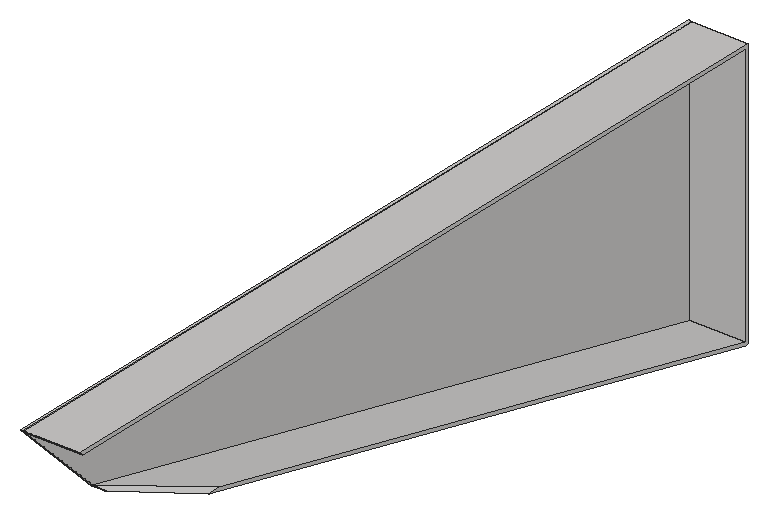
Revit family "PRD_FrankeWS_SnksSuprts_BracketForPlasterSinks_SIRX837", category Plumbing Fixtures, Revit 2018
Family settings
  Round Connector Dimension = Use Diameter
  Part Type = Normal
  OmniClass Number = 23.40.20.21
  OmniClass Title = Toilet and Bath Specialties
  Work Plane-Based = No
  Always vertical = No
  Cut with Voids When Loaded = No
  Shared = Yes
  Room Calculation Point = No
Parameters (values of type "SIRX837 1 piece right")
  width between 2 pcs [instance] = 0 mm
  right = yes
  offset 1pce = 0 mm
  left = no
  WarrantyStartDate [instance] = "1900-12-31T23:59:59"
  WarrantyGuarantorParts = "n/a"
  WarrantyGuarantorLabor = "n/a"
  WarrantyDurationUnit = "year"
  WarrantyDurationParts = "n/a"
  WarrantyDurationLabor = "n/a"
  WarrantyDescription = "n/a"
  Version = "1"
  Uniclass2015Version = "Products v1.7"
  Uniclass2015Title = "Sink supports"
  Uniclass2015Code = "Pr_20_85_09_88"
  URL = "www.kwc.com"
  TagNumber [instance] = "n/a"
  SustainabilityPerformance = "n/a"
  Size = "n/a"
  Shape = "n/a"
  SerialNumber [instance] = "n/a"
  Revision = "n/a"
  ReplacementCost = "n/a"
  Reference = "n/a"
  ProductInformation = "https://pim.kwc.com/product/2000103337/attachment/datasheet?locale=en"
  NominalWidth = 180 mm
  NominalLength = 40 mm
  NominalHeight = 557 mm
  NetWeight = 1.70 kg
  Name = "Bracket for plaster sinks, SIRX837"
  NBSTypeID = "n/a"
  NBSReference = "45-35-70/347"
  NBSOfficeMasterTag = "n/a"
  NBSNote = "n/a"
  NBSDescription = "Supports for sinks"
  NBSCertification = "n/a"
  ModelReference = "SIRX837"
  ModelNumber = "2000103337"
  Model = ModelReference  # "SIRX837"
  MaterialsLegsFinishAndColour = "satin finished"
  MaterialsLegsBody = "stainless steel"
  MaterialsBracketsFinishAndColour = "Satin finished"
  MaterialsBracketsBody = "stainless steel\r\nstainless steel"
  MaterialThickness = "n/a"
  MaterialCode = "stainless steel"
  Material = "Stainless steel"
  ManufacturerURL = "www.kwc.com"
  ManufacturerName = "KWC Group AG"  # constant formula
  Manufacturer = ManufacturerName  # "KWC Group AG"
  InstallationDate [instance] = "1900-12-31T23:59:59"
  IfcExportType = "NOTDEFINED"
  IfcExportAs = "IfcBuildingElementProxy"
  GrossWeight = 1.79 kg
  Grade = "n/a"
  Form = "Wall-mounted"
  Finish = "Satin finished"
  Features = "stainless steel"
  ExpectedLife = "n/a"
  DurationUnit = "year"
  Description = "Pair of brackets for plaster sink."
  Dimensions = "40 x 180 x 557 mm"
  Constituents = "n/a"
  Color = "Stainless steel"
  CodePerformance = "n/a"
  Category = "Pr_20_85_09_88, Sink supports"
  BracketMaterial = PRD_AR_StainlessSteel_SatinFinished
  BarCode [instance] = "n/a"
  BIMObjectName = "PRD_AR_SinkSupports_BracketForPlasterSinks_SIRX837"
  Author = "Archispace"  # constant formula
  AssetType = "Fixed"
  AssetIdentifier [instance] = "n/a"
  AccessibilityPerformance = "n/a"
  2pcs right = no
  2pcs left = no
Types (4, lengths in mm): name | width between 2 pcs | right | left | 2pcs right | 2pcs left
  (no name) | 0 | yes | no | no | no
  SIRX837 1 piece right | 0 | yes | no | no | no
  SIRX837 1 piece left | 0 | no | yes | no | no
  SIRX837 2 pieces | 1200 | no | no | yes | yes
Reference planes
  plane 1 "Center (Front/Back)": y = 0
  plane 2: z = 0
  plane 3 "Center (Left/Right)": x = 0
  plane 4: x = 0
  plane 5: x = 0
  plane 6: x = 0
  plane 7: x = 0
Dimensions and locks
  equal spacing: plane 4, plane 3 "Center (Left/Right)", plane 5
  "width between 2 pcs": plane 4 to plane 5
  "offset 1pce": plane 6 to plane 3 "Center (Left/Right)"
  "offset 1pce": plane 3 "Center (Left/Right)" to plane 7
  aligned and locked: level to plane 2
  aligned and locked: plane 4 to nested 1
  aligned and locked: nested 2 to plane 5
  aligned and locked: plane 7 to nested 4
  aligned and locked: nested 3 to plane 7
Nested families
  nested 1: "SIRX837 1l" at (20, 0, 853), visible <- "2pcs left", type "SIRX837"
  nested 2: "SIRX837 1r" at (-20, 0, 853), visible <- "2pcs right", type "SIRX837"
  nested 3: "SIRX837 1l" at (20, 0, 853), visible <- "right", type "SIRX837"
  nested 4: "SIRX837 1r" at (-20, 0, 853), visible <- "left", type "SIRX837"
Definition of nested family "SIRX837 1l"
  Parameters (values of type "SIRX837")
    Material1 = none
    1 piece = yes
  Types (3): name
    SIRX837
    SIRX837 1pr
    SIRX837 1pl
  Reference planes
    plane 1 "Środek (Przód/Tył)": y = 0
    plane 2: z = 0
    plane 3 "Środek (Lewa/Prawa)": x = 0
  Forms (mm)
    Extrusion 1, solid, material <- "Material1", visible <- "1 piece", detail levels fine
      sketch origin (0, 0, 0) x (0, 1, 0) y (0, 0, 1)
        loop
          line (-559, 0) -> (-498.9, -60.1) -> (-2.484, -180) -> (0, -180) -> (0, 0) -> (-559, 0)
      from -18 to -20
    Extrusion 2, solid, material <- "Material1", visible <- "1 piece", detail levels fine
      sketch origin (0, 0, 0) x (0, 1, 0) y (0, 0, 1)
        loop
          line (-559, 0) -> (-557, -2) -> (-2, -2) -> (-2, -178.059) -> (-501.613, -57.387) -> (-498.9, -60.1) -> (-2.484, -180) -> (0, -180) -> (0, 0) -> (-559, 0)
      from -18 to 20
    Extrusion 3, void
      sketch origin (0, 0, 0) x (1, 0, 0) y (0, 0, 1)
        loop
          line (20, -71.665) -> (20, -57.387) -> (-18, -57.387) -> (20, -71.665)
      from 408.744 to 514.172
    Extrusion 4, solid, material <- "Material1", visible <- "1 piece", detail levels medium
      sketch origin (0, 0, 0) x (0, 1, 0) y (0, 0, 1)
        loop
          line (-559, 0) -> (-498.9, -60.1) -> (-2.484, -180) -> (0, -180) -> (0, 0) -> (-559, 0)
      from -20 to 20
    Extrusion 5, solid, material <- "Material1", visible <- "1 piece", detail levels coarse
      sketch origin (0, 0, 0) x (0, 1, 0) y (0, 0, 1)
        loop
          line (0, -180) -> (0, 0) -> (-559, 0) -> (-559, -45.584) -> (-2.484, -180) -> (0, -180)
      from -20 to 20
  Cuts and joins
    Extrusion 3 cuts Extrusion 2
  Dimensions and locks
    aligned and locked: level to plane 2
Definition of nested family "SIRX837 1r"
  Parameters (values of type "SIRX837")
    Material1 = none
    1 piece = yes
  Types (3): name
    SIRX837
    SIRX837 1pr
    SIRX837 1pl
  Reference planes
    plane 1 "Środek (Przód/Tył)": y = 0
    plane 2: z = 0
    plane 3 "Środek (Lewa/Prawa)": x = 0
  Forms (mm)
    Extrusion 1, solid, material <- "Material1", visible <- "1 piece", detail levels fine
      sketch origin (0, 0, 0) x (0, 1, 0) y (0, 0, 1)
        loop
          line (-559, 0) -> (-498.9, -60.1) -> (-2.484, -180) -> (0, -180) -> (0, 0) -> (-559, 0)
      from 18 to 20
    Extrusion 2, solid, material <- "Material1", visible <- "1 piece", detail levels fine
      sketch origin (0, 0, 0) x (0, 1, 0) y (0, 0, 1)
        loop
          line (-559, 0) -> (-557, -2) -> (-2, -2) -> (-2, -178.059) -> (-501.613, -57.387) -> (-498.9, -60.1) -> (-2.484, -180) -> (0, -180) -> (0, 0) -> (-559, 0)
      from -20 to 18
    Extrusion 3, void
      sketch origin (0, 0, 0) x (1, 0, 0) y (0, 0, 1)
        loop
          line (-20, -71.665) -> (18, -57.387) -> (-20, -57.387) -> (-20, -71.665)
      from 408.744 to 514.172
    Extrusion 4, solid, material <- "Material1", visible <- "1 piece", detail levels medium
      sketch origin (0, 0, 0) x (0, 1, 0) y (0, 0, 1)
        loop
          line (-559, 0) -> (-498.9, -60.1) -> (-2.484, -180) -> (0, -180) -> (0, 0) -> (-559, 0)
      from -20 to 20
    Extrusion 5, solid, material <- "Material1", visible <- "1 piece", detail levels coarse
      sketch origin (0, 0, 0) x (0, 1, 0) y (0, 0, 1)
        loop
          line (0, -180) -> (0, 0) -> (-559, 0) -> (-559, -45.584) -> (-2.484, -180) -> (0, -180)
      from -20 to 20
  Cuts and joins
    Extrusion 3 cuts Extrusion 2
  Dimensions and locks
    aligned and locked: level to plane 2
